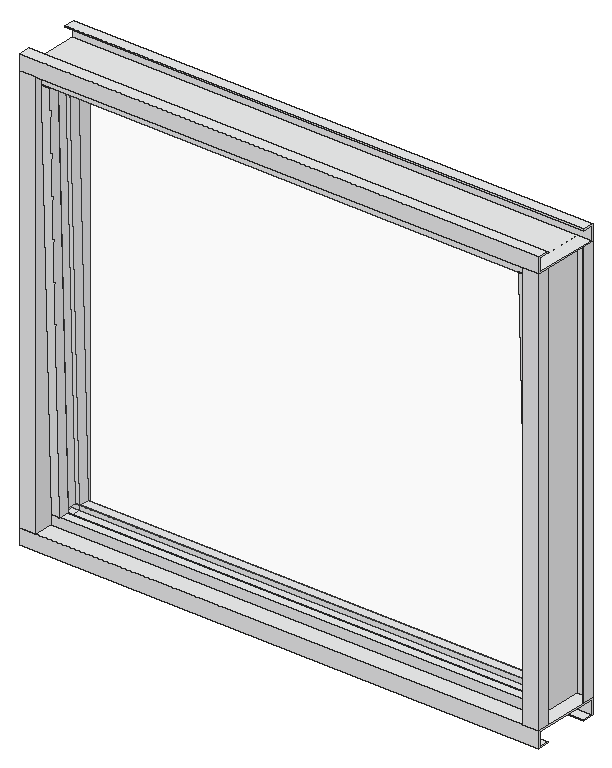
Revit family "Specialty_Equipment-Bavis_Fabacraft-Basic_Drive-Up_Window NEW", category Specialty Equipment, host Wall, Revit 2020
Family settings
  Host = Wall
  Round Connector Dimension = Use Diameter
  Part Type = Normal
  OmniClass Number = 23.40.70.27.24.21
  OmniClass Title = Service and Teller Window Units
  Always vertical = Yes
  Cut with Voids When Loaded = No
  Shared = No
  Room Calculation Point = No
Parameters (values of type "42" Trimless")
  Width = if(Constraints = 32, 2' 8", if(Constraints = 42, 3' 6 1/4", if(Constraints = 60, 4' 8", if(Constraints = 65, 5' 4 7/8", 2' 8"))))  # 3' - 6 1/4"
  Warranty URL = ""
  Video Link = "https://www.youtube.com/watch?v=4XuO8WkjTBw"
  Version = "2020 - v1.0a"  # constant formula
  URL = "https://www.bavis.com/"
  Support Phone = "224-699-9545"  # constant formula
  Support Email = "mailto:support@bimsmith.com"
  Rough Width = Width + 0' 0 1/2"  # 3' - 6 3/4"
  Rough Height = Height + 0' 0 1/4"  # 3' - 0 1/8"
  Mounting Height [instance] = 3' - 9.36914"
  Glazing = Glass - Bavis Fabacraft - Clear
  Product Page URL = "https://www.bavis.com/drive-up-basic-windows"
  Product Name = "Bavis Basic Drive-Up Windows"  # constant formula
  Product Documentation Link = "https://docs.bavis.com/windows/drive-up-windows"
  Model = "12147996"
  Material = ""
  Manufacturer Phone Number = "(513) 677-0500"  # constant formula
  Manufacturer Email = "mailto:sales@bavis.com"
  Manufacturer Address = "201 Grandin Road, Maineville, OH 45039"  # constant formula
  Manufacturer = "Bavis Fabacraft"  # constant formula
  Keynote = "08 51 00"
  Instruction Sheet Link = "https://docs.bavis.com/windows/drive-up-windows"
  Height = if(Constraints = 32, 2' 9 1/4", if(Constraints = 42, 2' 11 7/8", if(Constraints = 60, 2' 9 1/4", if(Constraints = 65, 2' 11 7/8", 2' 9 1/4"))))  # 2' - 11 7/8"
  Finish = Metal - Bavis Fabacraft -Aluminum
  Depth = 0' - 5 1/2"  # constant formula
  Default Elevation = 0' - 0"
  Copyright = "© 2022 Bavis Fabacraft, All Rights Reserved."  # constant formula
  Constraints = 42
  Inset [instance] = 0' - 0"
  Assembly Code = "B2020100"
Types (5): name | Width | Warranty URL | Rough Width | Rough Height | Mounting Height | Model | Height | Constraints
  (no name) | 3' - 6 1/4" | "" | 3' - 6 3/4" | 3' - 0 1/8" | 3' - 9.36914" | "12147996" | 2' - 11 7/8" | 42
  60" Trimless | 4' - 8" | "" | 4' - 8 1/2" | 2' - 9 1/2" | 3' - 9.36914" | "12147992" | 2' - 9 1/4" | 60
  32" Trimless | 2' - 8" | "Contact Manufacturer for Warranty Information" | 2' - 8 1/2" | 2' - 9 1/2" | 3' - 0" | "12147991" | 2' - 9 1/4" | 32
  42" Trimless | 3' - 6 1/4" | "" | 3' - 6 3/4" | 3' - 0 1/8" | 3' - 9.36914" | "12147996" | 2' - 11 7/8" | 42
  65" Trimless | 5' - 4 7/8" | "" | 5' - 5 3/8" | 3' - 0 1/8" | 3' - 9.36914" | "12147995" | 2' - 11 7/8" | 65
Reference planes (in)
  plane 1: y = 0
  plane 2 "Center (Left/Right)": x = 0
  plane 3 "Back": y = 3.375
  plane 4: y = 3.375
  plane 5 "FF": z = 0
  plane 6: z = 81.24414
  plane 7: z = 45.36914
  plane 8: x = 21.125
  plane 9: x = -21.125
  plane 10: z = 63.30664
  plane 11: x = 21.375
  plane 12: x = -21.375
  plane 13: z = 81.49414
  plane 14: y = 2.125
  plane 15 "F": y = -3.375
  plane 16: y = -0.625
  plane 17 "L": x = -19.85366
  plane 18 "R": x = 19.85366
  plane 19 "S": x = -19.10366
  plane 20 "T": x = 19.10366
  plane 21: y = -0.125
  plane 22: y = -1.125
Forms (in)
  Extrusion 1, void
    sketch origin (216, 3.375, 156) x (0, 0, -1) y (1, 0, 0)
      loop
        line (74.75586, -194.875) -> (74.75586, -237.125) -> (110.63086, -237.125) -> (110.63086, -194.875) -> (74.75586, -194.875)
    from -4 to 34.26016
  Sweep 2, solid, material "Metal - Bavis Fabacraft -Aluminum" <- "Finish"
    path origin (0, -3.375, 0) x (0, 0, 1) y (-1, 0, 0)
      loop
        line (81.24414, -21.125) -> (81.24414, 21.125)
    profile origin (0, -3.375, 81.24414) x (0, 0, -1) y (0, -1, 0)
      loop
        line (0, 0) -> (0, -0.89844) -> (0.09375, -0.89844) -> (0.09375, -0.09375) -> (1.17759, -0.09375) -> (1.17759, -5.40625) -> (0.09375, -5.40625) -> (0.09375, -4.60156) -> (0, -4.60156) -> (0, -5.5) -> (1.27134, -5.5) -> (1.27134, 0) -> (0, 0)
      loop
        line (35.875, 0) -> (34.60366, 0) -> (34.60366, -5.5) -> (35.875, -5.5) -> (35.875, -4.60156) -> (35.78125, -4.60156) -> (35.78125, -5.40625) -> (34.69741, -5.40625) -> (34.69741, -0.09375) -> (35.78125, -0.09375) -> (35.78125, -0.89844) -> (35.875, -0.89844) -> (35.875, 0)
  Sweep 3, solid, material "Metal - Bavis Fabacraft -Aluminum" <- "Finish"
    path origin (0, -3.375, 0) x (0, 0, 1) y (-1, 0, 0)
      loop
        line (79.9728, -21.125) -> (46.64048, -21.125)
    profile origin (21.125, -3.375, 63.30664) x (0, -1, 0) y (1, 0, 0)
      loop
        line (0, -42.25) -> (0, -40.97866) -> (-5.5, -40.97866) -> (-5.5, -42.25) -> (-4.60156, -42.25) -> (-4.60156, -42.15625) -> (-5.40625, -42.15625) -> (-5.40625, -41.07241) -> (-0.09375, -41.07241) -> (-0.09375, -42.15625) -> (-0.89844, -42.15625) -> (-0.89844, -42.25) -> (0, -42.25)
      loop
        line (0, 0) -> (-0.89844, 0) -> (-0.89844, -0.09375) -> (-0.09375, -0.09375) -> (-0.09375, -1.17759) -> (-5.40625, -1.17759) -> (-5.40625, -0.09375) -> (-4.60156, -0.09375) -> (-4.60156, 0) -> (-5.5, 0) -> (-5.5, -1.27134) -> (0, -1.27134) -> (0, 0)
  Extrusion 4, solid, material "Metal - Bavis Fabacraft -Aluminum" <- "Finish"
    sketch origin (0, 0, 0) x (0, 1, 0) y (0, 0, 1)
      loop
        line (-0.02306, 79.9728) -> (-2.88281, 79.9728) -> (-2.88281, 79.2228) -> (-2.09323, 79.2228) -> (-2.09323, 79.62905) -> (-0.81264, 79.62905) -> (-0.81264, 79.2228) -> (-0.02306, 79.2228) -> (-0.02306, 79.9728)
      loop
        line (-1.83613, 46.64048) -> (1.02363, 46.64048) -> (1.02363, 47.39048) -> (0.23404, 47.39048) -> (0.23404, 46.98423) -> (-1.04654, 46.98423) -> (-1.04654, 47.39048) -> (-1.83613, 47.39048) -> (-1.83613, 46.64048)
    from -19.85366 to 19.85366
  Extrusion 5, solid, material "Glass - Bavis Fabacraft - Clear" <- "Glazing"
    sketch origin (0, 0, 0) x (0, 1, 0) y (0, 0, 1)
      loop
        line (-2.09323, 79.2228) -> (-1.04654, 47.39048) -> (-1.04654, 46.98423) -> (0.23404, 46.98423) -> (0.23404, 47.39048) -> (-0.81264, 79.2228) -> (-0.81264, 79.62905) -> (-2.09323, 79.62905) -> (-2.09323, 79.2228)
    from -19.10366 to 19.10366
  Sweep 6, solid, material "Metal - Bavis Fabacraft -Aluminum" <- "Finish"
    path origin (-19.85366, 0, 0) x (0, 0, 1) y (0, 1, 0)
      loop
        line (79.2228, -1.45293) -> (79.19006, -1.45293) -> (47.42173, -0.40625) -> (47.39048, -0.40625)
    profile origin (-19.85366, -1.45293, 79.20643) x (-1, 0, 0) y (0, -1, 0)
      loop
        line (0, 1.42988) -> (-0.75, 1.42988) -> (-0.75, 0.64029) -> (-0.34375, 0.64029) -> (-0.34375, -0.64029) -> (-0.75, -0.64029) -> (-0.75, -1.42988) -> (0, -1.42988) -> (0, 1.42988)
      loop
        line (-39.70732, -1.42988) -> (-38.95732, -1.42988) -> (-38.95732, -0.64029) -> (-39.36357, -0.64029) -> (-39.36357, 0.64029) -> (-38.95732, 0.64029) -> (-38.95732, 1.42988) -> (-39.70732, 1.42988) -> (-39.70732, -1.42988)
Text (in)
  text "Placement Side" at (0, 40.15149, 123.01588), in view "Right"
  text "Placement Side" at (-58.6842, 42.74981, 0), in view "Ref. Level"
  text "Placement Side" at (0, 47.49176, 140.59947), in view "Left"
Dimensions and locks (in)
  locked: plane 3 "Back" to host wall
  equal spacing: plane 9, plane 2 "Center (Left/Right)", plane 8
  "Width": plane 9 to plane 8
  equal spacing: plane 7, plane 10, plane 6
  "Height": plane 7 to plane 6
  "Mounting Height": plane 5 "FF" to plane 7
  equal spacing: plane 12, plane 2 "Center (Left/Right)", plane 11
  "Rough Width": plane 12 to plane 11
  "Rough Height": plane 7 to plane 13
  "Inset": plane 15 "F" to host wall
  "Depth": plane 14 to plane 15 "F"
  locked: Sweep 3 sketch curve to plane 6 at 1.27134
  plane 9 to Sweep 3 sketch curve to Sweep 3 sketch curve to Sweep 3 sketch curve to Sweep 3 sketch curve to Sweep 3 sketch curve to Sweep 3 sketch curve = 0' - 0" locked, 0' - 0" locked, 0' - 0 3/32" locked, 0' - 0" locked, 0' - 1.08384" locked, 0' - 0 3/32" locked
  Sweep 3 sketch curve to Sweep 3 sketch curve to Sweep 3 sketch curve to Sweep 3 sketch curve to plane 8 to Sweep 3 sketch curve to Sweep 3 sketch curve = 0' - 0 3/32" locked, 0' - 1.08384" locked, 0' - 0" locked, 0' - 0 3/32" locked, 0' - 0" locked, 0' - 0" locked
  equal spacing: plane 15 "F", plane 16, plane 14
  Sweep 3 sketch curve to Sweep 3 sketch curve to Sweep 3 sketch curve to Sweep 3 sketch curve to plane 14 to Sweep 3 sketch curve to Sweep 3 sketch curve = 0' - 0" locked, 0' - 0 103/128" locked, 0' - 0" locked, 0' - 0 3/32" locked, 0' - 0" locked, 0' - 0" locked
  plane 15 "F" to Sweep 3 sketch curve to Sweep 3 sketch curve to Sweep 3 sketch curve to Sweep 3 sketch curve to Sweep 3 sketch curve to Sweep 3 sketch curve = 0' - 0" locked, 0' - 0" locked, 0' - 0 3/32" locked, 0' - 0" locked, 0' - 0 103/128" locked, 0' - 0" locked
  plane 6 to Sweep 2 sketch curve to Sweep 2 sketch curve to Sweep 2 sketch curve to Sweep 2 sketch curve to Sweep 2 sketch curve to Sweep 2 sketch curve = 0' - 0" locked, 0' - 0" locked, 0' - 0 3/32" locked, 0' - 0" locked, 0' - 1.08384" locked, 0' - 0 3/32" locked
  Sweep 2 sketch curve to Sweep 2 sketch curve to plane 15 "F" to Sweep 2 sketch curve = 0' - 0 103/128" locked, 0' - 0 3/32" locked, 0' - 0" locked
  plane 14 to Sweep 2 sketch curve to Sweep 2 sketch curve to Sweep 2 sketch curve = 0' - 0" locked, 0' - 0 3/32" locked, 0' - 0 103/128" locked
  locked: plane 9 to plane 17 "L" at 1.27134
  locked: plane 18 "R" to plane 8 at 1.27134
  locked: plane 17 "L" to plane 19 "S" at 0.75
  locked: plane 20 "T" to plane 18 "R" at 0.75
  plane 21 to plane 16 to plane 22 = 0' - 0 1/2" locked, 0' - 0 1/2" locked
  Sweep 2 sketch curve to Sweep 2 sketch curve to plane 7 to Sweep 2 sketch curve to Sweep 2 sketch curve to Sweep 2 sketch curve to Sweep 2 sketch curve = 0' - 0" locked, 0' - 0" locked, 0' - 0 3/32" locked, 0' - 0" locked, 0' - 1.08384" locked, 0' - 0 3/32" locked
  Sweep 2 sketch curve to Sweep 2 sketch curve to Sweep 2 sketch curve to plane 15 "F" = 0' - 0 103/128" locked, 0' - 0 3/32" locked, 0' - 0" locked
  Sweep 2 sketch curve to plane 14 to Sweep 2 sketch curve to Sweep 2 sketch curve = 0' - 0" locked, 0' - 0 3/32" locked, 0' - 0 103/128" locked
  locked: plane 7 to Sweep 3 sketch curve at 1.27134
  plane 6 to Extrusion 4 sketch curve to Extrusion 4 sketch curve to Extrusion 4 sketch curve to Extrusion 4 sketch curve = 0' - 1.27134" locked, 0' - 0 11/32" locked, 0' - 0 13/32" locked, 0' - 0" locked
  Extrusion 4 sketch curve to plane 16 to Extrusion 4 sketch curve to Extrusion 4 sketch curve to Extrusion 4 sketch curve = 0' - 0.60194" locked, 0' - 0.18764" locked, 0' - 1.28059" locked, 0' - 0.78959" locked
  Extrusion 4 sketch curve to Extrusion 4 sketch curve to plane 16 to Extrusion 4 sketch curve to Extrusion 4 sketch curve = 0' - 0.78959" locked, 0' - 0.85904" locked, 0' - 0.42154" locked, 0' - 0.78959" locked
  Extrusion 4 sketch curve to Extrusion 4 sketch curve to Extrusion 4 sketch curve to Extrusion 4 sketch curve to plane 7 = 0' - 0" locked, 0' - 0 13/32" locked, 0' - 0 11/32" locked, 0' - 1.27134" locked
  plane 17 "L" to Sweep 6 sketch curve to Sweep 6 sketch curve to Sweep 6 sketch curve to Sweep 6 sketch curve = 0' - 0" locked, 0' - 0 11/32" locked, 0' - 0 13/32" locked, 0' - 0" locked
  Sweep 6 sketch curve to Sweep 6 sketch curve to Sweep 6 sketch curve to plane 16 to Sweep 6 sketch curve = 0' - 0.78959" locked, 0' - 1.28059" locked, 0' - 0.18764" locked, 0' - 0.60194" locked  (x2)
  Sweep 6 sketch curve to Sweep 6 sketch curve to Sweep 6 sketch curve to plane 18 "R" to Sweep 6 sketch curve = 0' - 0" locked, 0' - 0 13/32" locked, 0' - 0 11/32" locked, 0' - 0" locked
  Extrusion 5 sketch curve to plane 16 to Extrusion 5 sketch curve to Extrusion 5 sketch curve to Extrusion 5 sketch curve = 0' - 0.85904" locked, 0' - 0.18764" locked, 0' - 0.2339" locked, 0' - 1.04668" locked
  plane 6 to Extrusion 5 sketch curve to Extrusion 5 sketch curve to Extrusion 5 sketch curve = 0' - 1.61509" locked, 0' - 0 13/32" locked, 0' - 0" locked
  Extrusion 5 sketch curve to Extrusion 5 sketch curve to Extrusion 5 sketch curve to plane 7 = 0' - 0" locked, 0' - 0 13/32" locked, 0' - 1.61509" locked
  Sweep 6 sketch curve to plane 16 to Sweep 6 sketch curve = 0' - 0 7/32" locked, 0' - 0.82793" locked
  plane 6 to Sweep 6 sketch curve to Sweep 6 sketch curve = 0' - 2.02134" locked, 0' - 0.03274" locked
  Sweep 6 sketch curve to Sweep 6 sketch curve to plane 7 = 0' - 0 1/32" locked, 0' - 2.02134" locked
  aligned and locked: host wall to plane 4
  aligned and locked: plane 7 to Extrusion 1 sketch curve
  aligned and locked: Extrusion 1 sketch curve to plane 6
  aligned and locked: Extrusion 1 sketch curve to plane 9
  aligned and locked: plane 8 to Extrusion 1 sketch curve
  aligned and locked: plane 9 to Sweep 2 sketch curve
  aligned and locked: Sweep 2 sketch curve to plane 6
  aligned and locked: plane 8 to Sweep 2 sketch curve
  aligned and locked: Sweep 3 sketch curve to plane 8
  aligned and locked: plane 19 "S" to Extrusion 5
  aligned and locked: plane 20 "T" to Extrusion 5
  aligned and locked: plane 17 "L" to Extrusion 4
  aligned and locked: plane 18 "R" to Extrusion 4
